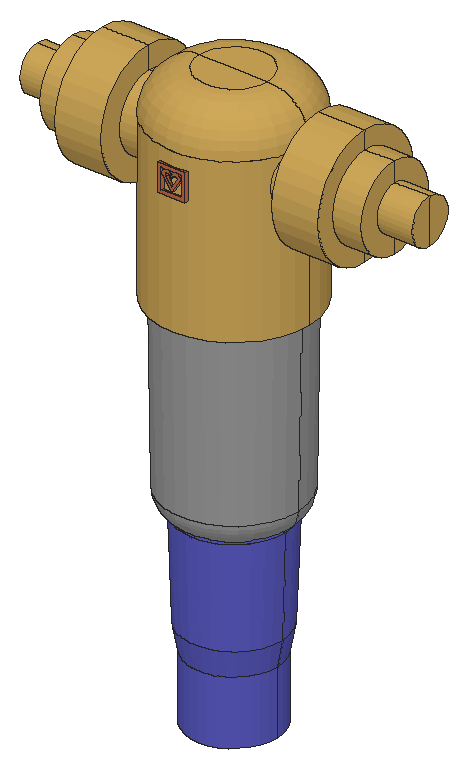
Revit family "Фильтр для холодной воды 0553", category Rohrzubehör, Revit 2019
Family settings
  Bemaßung runder Anschluss = Durchmesser verwenden
  Teiletyp = Unterbricht
  OmniClass-Nummer = 23.65.55.14
  OmniClass-Titel = Valves for Liquid Services
  Arbeitsebenenbasiert = Nein
  Immer vertikal = Ja
  Beim Laden mit Abzugskörper schneiden = Nein
  Gemeinsam genutzt = Nein
Parameters
  Фильтрующий элемент = "нержавеющая сталь, тонкость фильтрации 100 мкм"  # constant formula
  Среда = "Питьевая вода"  # constant formula
  Примечание = "В соответствии со статьей 33 Регламента REACH (Registration; Evaluation; Authorisation; Restriction of Chemicals) (EC № 1907/2006) мы обязаны указать, что свинец внесен в список SVHC (Substances of Very High Concern - вещества очень высокой важности) и весовой процент свинца во всех латунных компонентах заводского изготовления в наших изделиях, превышает 0,1 % (w/w) (CAS: 7439-92-1 / EINECS: 231-100-4).\r\nПоскольку свинец является легирующим компонентом сплава, прямое негативное влияние исключается, и поэтому дополнительной информации о безопасном использовании не требуется."
  Макс. рабочее давление = 1600000.0 Pa  # constant formula
  Макс. рабочая температура = 30 °C  # constant formula
  Корпус = "латунь, CW617N"  # constant formula
  Исполнение = "HERZ-фильтр для воды устанавливается на вводе в здание для предотвращения попадания загрязнений в питьевую воду."
  W02 = 88.00°  # constant formula
  W01 = 89.00°  # constant formula
  VRS01 = 10.000 mm  # constant formula
  SC_NennweiteBerechnet = 0
  SC_Dimension = ""
  SCTWSEQ = "FI;SBT_TYP_FI=\"FI\";2"
  SCTWCODE = "02;00;02"  # constant formula
  S01 [instance] = (L02 + VRL01 + VRL02) - (L01 / 2)  # 24.750 mm
  Модель = "Фильтр для холодной воды с чашей из прозрачного стеклопластика."
  Чаша = "прозрачный, армированный стекловолокном пластик"  # constant formula
  GT [instance] = size_lookup("0553_", "GT", 1.000 mm, Nennweite)  # 11.900 mm
  VRL02 [instance] = size_lookup("0553_", "VRL2", 1.000 mm, Nennweite)  # 21.750 mm
  VRL01 [instance] = size_lookup("0553_", "VRL1", 1.000 mm, Nennweite)  # 15.500 mm
  VRD02 [instance] = size_lookup("0553_", "VRD2", 1.000 mm, Nennweite)  # 14.000 mm
  VRD01 [instance] = size_lookup("0553_", "VRD1", 1.000 mm, Nennweite)  # 20.000 mm
  URL = "www.herz-armaturen.ru"
  T01 = 1.000 mm  # constant formula
  R02 = 8.000 mm  # constant formula
  R01 = 12.500 mm  # constant formula
  Nennweite [instance] = 15.000 mm
  D02 = 22.750 mm  # constant formula
  L02 [instance] = size_lookup("0553_", "L2", 1.000 mm, Nennweite)  # 28.750 mm
  L01 [instance] = size_lookup("0553_", "L1", 1.000 mm, Nennweite)  # 82.500 mm
  Hersteller = "HERZ Armaturen Ges.m.b.H."  # constant formula
  H04 = 174.000 mm  # constant formula
  H03 = 65.500 mm  # constant formula
  H02 = 45.500 mm  # constant formula
  H01 = 23.000 mm  # constant formula
  Номер заказа [instance] = if(Nennweite = 15.000 mm, "I055301", if(Nennweite = 20.000 mm, "I055302", if(Nennweite = 25.000 mm, "I055303", "0")))  # "I055301"
  AG [instance] = Nennweite / 2  # 7.500 mm
  D01 = 25.500 mm  # constant formula
Reference planes
  plane 1 "Mitte (Vorne/hinten)": y = 0
  plane 2: z = 0
  plane 3 "Mitte (Links/rechts)": x = 0
Forms (mm)
  Revolve 1, solid, material "Messing, weicher Gelbton, geschweißt", detail levels fine
    sketch origin (0, 0, 0) x (1, 0, 0) y (0, 0, 1)
      loop
        line (-41.25, 0) -> (41.25, 0) -> (41.25, 12.5) -> (-41.25, 12.5) -> (-41.25, 0)
      axis (-41.25, 0) -> (41.25, 0)
    angle from 0 to 360
  Revolve 2, solid, material "Messing, weicher Gelbton, geschweißt", detail levels fine
    sketch origin (0, 0, 0) x (1, 0, 0) y (0, 0, 1)
      loop
        line (-28.75, 0) -> (-28.75, 20) -> (-44.25, 20) -> (-44.25, 14) -> (-54.1, 14) -> (-54.1, 7.5) -> (-66, 7.5) -> (-66, 0) -> (-28.75, 0)
      axis (-66, 0) -> (-28.75, 0)
    angle from 0 to 360
  Revolve 3, solid, material "Messing, weicher Gelbton, geschweißt", detail levels fine
    sketch origin (0, 0, 0) x (-1, 0, 0) y (0, 0, 1)
      loop
        line (-28.75, 0) -> (-28.75, 20) -> (-44.25, 20) -> (-44.25, 14) -> (-54.1, 14) -> (-54.1, 7.5) -> (-66, 7.5) -> (-66, 0) -> (-28.75, 0)
      axis (-66, 0) -> (-28.75, 0)
    angle from 0 to 360
  Revolve 4, solid, material "Messing, weicher Gelbton, geschweißt", detail levels fine
    sketch origin (0, 0, 0) x (1, 0, 0) y (0, 0, 1)
      loop
        line (0, -45.5) -> (0, 23) -> (-11.5, 23)
        arc (-11.5, 23) -> (-21.399, 18.899) -> (-25.5, 9) r 14
        line (-25.5, 9) -> (-25.5, -45.5) -> (0, -45.5)
      axis (0, 23) -> (0, -45.5)
    angle from 0 to 360
  Revolve 5, solid, material "ABS-Kunststoff", detail levels fine
    sketch origin (0, 0, 0) x (1, 0, 0) y (0, 0, 1)
      loop
        line (0, -45.5) -> (-22.75, -45.5) -> (-21.744, -103.156)
        arc (-21.744, -103.156) -> (-19.53, -108.542) -> (-14.25, -111) r 8
        line (-14.25, -111) -> (0, -111) -> (0, -45.5)
      axis (0, -45.5) -> (0, -111)
    angle from 0 to 360
  Revolve 6, solid, material "Herz-Marineblau", detail levels fine
    sketch origin (0, 0, 0) x (1, 0, 0) y (0, 0, 1)
      loop
        line (-14.75, -174) -> (0, -174) -> (0, -110.996) -> (-17.5, -110.996) -> (-16.347, -144) -> (-14.75, -152.5) -> (-14.75, -174)
      axis (0, -110.996) -> (0, -174)
    angle from 0 to 360
Lines and regions (mm)
  model lines, detail levels coarse+medium
    curve 1: line (-41.25, 0, 23) -> (-41.25, 0, -23)
    curve 2: line (-41.25, 0, -23) -> (41.25, 0, -23)
    curve 3: line (41.25, 0, -23) -> (41.25, 0, 23)
    curve 4: line (41.25, 0, 23) -> (-41.25, 0, 23)
    curve 5: line (41.25, 0, 23) -> (12.5, 0, 0)
    curve 6: line (12.5, 0, 0) -> (41.25, 0, -23)
    curve 7: line (41.25, 0, 23) -> (51.25, 0, 23)
    curve 8: line (51.25, 0, 23) -> (41.25, 0, 0)
    curve 9: line (41.25, 0, -23) -> (51.25, 0, -23)
    curve 10: line (51.25, 0, -23) -> (41.25, 0, 0)
    curve 11: line (41.25, 0, 0) -> (66, 0, 0)
    curve 12: line (-41.25, 0, 23) -> (-51.25, 0, 23)
    curve 13: line (-51.25, 0, 23) -> (-41.25, 0, 0)
    curve 14: line (-41.25, 0, -23) -> (-51.25, 0, -23)
    curve 15: line (-51.25, 0, -23) -> (-41.25, 0, 0)
    curve 16: line (-41.25, 0, 0) -> (-66, 0, 0)
    curve 17: line (-41.25, -23, 0) -> (41.25, -23, 0)
    curve 18: line (-41.25, 23, 0) -> (-41.25, -23, 0)
    curve 19: line (41.25, 23, 0) -> (-41.25, 23, 0)
    curve 20: line (41.25, -23, 0) -> (41.25, 23, 0)
    curve 21: line (41.25, 23, 0) -> (8.232, 0, 0)
    curve 22: line (8.232, 0, 0) -> (41.25, -23, 0)
    curve 23: line (41.25, 23, 0) -> (51.25, 23, 0)
    curve 24: line (51.25, 23, 0) -> (41.25, 0, 0)
    curve 25: line (41.25, -23, 0) -> (51.25, -23, 0)
    curve 26: line (51.25, -23, 0) -> (41.25, 0, 0)
    curve 27: line (-41.25, 23, 0) -> (-51.25, 23, 0)
    curve 28: line (-51.25, 23, 0) -> (-41.25, 0, 0)
    curve 29: line (-41.25, -23, 0) -> (-51.25, -23, 0)
    curve 30: line (-51.25, -23, 0) -> (-41.25, 0, 0)
Dimensions and locks
  "L01": Revolve 1 sketch curve to Revolve 1 sketch curve
  equal spacing: Revolve 1 sketch curve, plane 3 "Mitte (Links/rechts)", Revolve 1 sketch curve
  "R01": Revolve 1 sketch curve to plane 2
  "L02": plane 3 "Mitte (Links/rechts)" to Revolve 2 sketch curve
  "VRL01": Revolve 2 sketch curve to Revolve 2 sketch curve
  "VRL02": Revolve 2 sketch curve to Revolve 2 sketch curve
  "GT": Revolve 2 sketch curve to Revolve 2 sketch curve
  "VRD01": Revolve 2 sketch curve to Revolve 2 sketch curve
  "VRD02": Revolve 2 sketch curve to Revolve 2 sketch curve
  "AG": Revolve 2 sketch curve to Revolve 2 sketch curve
  "VRL01": Revolve 3 sketch curve to Revolve 3 sketch curve
  "VRL02": Revolve 3 sketch curve to Revolve 3 sketch curve
  "GT": Revolve 3 sketch curve to Revolve 3 sketch curve
  "VRD01": Revolve 3 sketch curve to Revolve 3 sketch curve
  "VRD02": Revolve 3 sketch curve to Revolve 3 sketch curve
  "AG": Revolve 3 sketch curve to Revolve 3 sketch curve
  "L02": Revolve 3 sketch curve to plane 3 "Mitte (Links/rechts)"
  "H01": Revolve 4 sketch curve to plane 2
  "D01": Revolve 4 sketch curve to Revolve 4 sketch curve
  "H02": plane 2 to Revolve 4 sketch curve
  "D02": Revolve 5 sketch curve to Revolve 5 sketch curve
  "H02": plane 2 to Revolve 5 sketch curve
  "H03": Revolve 5 sketch curve to Revolve 5 sketch curve
  "H04": plane 2 to Revolve 6 sketch curve
  "D01": nested 1 to plane 1 "Mitte (Vorne/hinten)"
  equal spacing: curve 1, plane 3 "Mitte (Links/rechts)", curve 3
  "H01": curve 4 to level to curve 2
  "L01": curve 1 to curve 3
  "L02": curve 3 to curve 6
  "VRS01": curve 8 to curve 3
  "VRS01": curve 10 to curve 3
  "S01": curve 11 to curve 3
  "VRS01": curve 13 to curve 1
  "VRS01": curve 15 to curve 1
  "S01": curve 16 to Revolve 1
  "L01": curve 18 to curve 20
  equal spacing: curve 18, plane 3 "Mitte (Links/rechts)", curve 20
  "H01": curve 19 to plane 1 "Mitte (Vorne/hinten)" to curve 17
  "VRS01": curve 20 to curve 24
  "VRS01": curve 20 to curve 26
  "VRS01": curve 28 to curve 18
  "VRS01": curve 30 to curve 18
  "R02": radius of Revolve 5 sketch curve
  "W01": angle Revolve 5 sketch curve to Revolve 4
  "W02": angle Revolve 6 sketch curve to Revolve 6 sketch curve
  aligned and locked: level to plane 2
Automatic sketch dimensions
  curve 15 to level = 0.000 mm
  curve 11 to level = 0.000 mm
  curve 8 to level = 0.000 mm
  curve 5 to level = 0.000 mm
  plane 1 "Mitte (Vorne/hinten)" to curve 22 = 0.000 mm
  plane 1 "Mitte (Vorne/hinten)" to curve 28 = 0.000 mm
  plane 1 "Mitte (Vorne/hinten)" to curve 24 = 0.000 mm
  plane 1 "Mitte (Vorne/hinten)" to curve 26 = 0.000 mm
  plane 3 "Mitte (Links/rechts)" to curve 22 = 8.232 mm
  Revolve 1 sketch curve to level = 0.000 mm  (x2)
  Revolve 1 sketch curve to Revolve 1 sketch curve = 1474.830 mm
  Revolve 1 sketch curve to Revolve 1 sketch curve = 1807.448 mm
  Revolve 2 sketch curve to level = 0.000 mm  (x2)
  Revolve 2 sketch curve to Revolve 2 sketch curve = 1440.530 mm
  plane 3 "Mitte (Links/rechts)" to Revolve 2 sketch curve = 1839.148 mm
  Revolve 3 sketch curve to level = 0.000 mm  (x2)
  Revolve 3 sketch curve to Revolve 3 sketch curve = 1440.530 mm
  plane 3 "Mitte (Links/rechts)" to Revolve 3 sketch curve = 1839.148 mm
  Revolve 4 sketch curve to plane 3 "Mitte (Links/rechts)" = 0.000 mm  (x2)
  level to Revolve 4 sketch curve = 9.000 mm
  Revolve 4 sketch curve to Revolve 4 sketch curve = 320.545 mm
  Revolve 4 sketch curve to Revolve 4 sketch curve = 2190.315 mm
  Revolve 5 sketch curve to plane 3 "Mitte (Links/rechts)" = 0.000 mm  (x2)
  Revolve 5 sketch curve to plane 3 "Mitte (Links/rechts)" = 21.744 mm
  Revolve 5 sketch curve to Revolve 5 sketch curve = 7.494 mm
  Revolve 5 sketch curve to Revolve 5 sketch curve = 255.045 mm
  level to Revolve 5 sketch curve = 2214.315 mm
  Revolve 6 sketch curve to plane 3 "Mitte (Links/rechts)" = 0.000 mm  (x2)
  Revolve 6 sketch curve to plane 3 "Mitte (Links/rechts)" = 14.750 mm
  Revolve 6 sketch curve to Revolve 6 sketch curve = 1.597 mm
  Revolve 6 sketch curve to plane 3 "Mitte (Links/rechts)" = 17.500 mm
  Revolve 6 sketch curve to Revolve 6 sketch curve = 21.500 mm
  Revolve 6 sketch curve to Revolve 6 sketch curve = 8.500 mm
  Revolve 6 sketch curve to Revolve 6 sketch curve = 192.045 mm
  level to Revolve 6 sketch curve = 2214.315 mm
Nested families
  nested 1: "Herz-Logo-vorne" at (0, -25.5, 0) x (0, 1, 0) z (0, 0, 1), type "Herz-Logo-vorne", detail levels fine
Connectors
  piping at (-66, 0, 0), diameter 15, driven by "Nennweite"
    settings: on Revolve 2, index 1, connector inside diameter 609.6 mm, connector length 0.000 mm, flow factor 0, pipe flow 0.0 L/s, pressure drop 0.0 Pa, fitting loss kfactor 0, connector angle 0.00°, fixture units 0, engagement length 0.000 mm, angle of deflection 0.00°, flow configuration 0, flow direction 1, fitting loss method 0, system type 20, joint type 0, gender type 0, connector reference index -1, connector utility 0, adjustable connector no, is connector primary yes, connector description ""
  piping at (66, 0, 0), diameter 15, driven by "Nennweite"
    settings: on Revolve 3, index 2, connector inside diameter 609.6 mm, connector length 0.000 mm, flow factor 0, pipe flow 0.0 L/s, pressure drop 0.0 Pa, fitting loss kfactor 0, connector angle 0.00°, fixture units 0, engagement length 0.000 mm, angle of deflection 0.00°, flow configuration 0, flow direction 2, fitting loss method 0, system type 20, joint type 0, gender type 0, connector reference index -1, connector utility 0, adjustable connector no, is connector primary no, connector description ""
Definition of nested family "Herz-Logo-vorne"
  Reference planes
    plane 1 "Mitte (Vorne/hinten)": y = 0
    plane 2: z = 0
    plane 3 "Mitte (Links/rechts)": x = 0
  Forms (mm)
    Extrusion 1, solid
      sketch origin (0.732, -0.018, 0.017) x (0, -1, 0) y (0, 0, 1)
        loop
          line (-0.018, -4.517) -> (4.482, -4.517) -> (4.482, 4.483) -> (-4.518, 4.483) -> (-4.518, -4.517) -> (-0.018, -4.517)
        loop
          line (-0.05, -3.48) -> (3.482, -3.48) -> (3.482, 3.483) -> (-3.518, 3.483) -> (-3.518, -3.48) -> (-0.05, -3.48)
        loop
          arc (-0.018, 2.383) -> (-1.543, 3.287) -> (-3.067, 2.383) r 1.738
          arc (-3.067, 2.383) -> (-3.191, 1.899) -> (-3.067, 1.415) r 1.009
          line (-3.067, 1.415) -> (-0.018, -3.281) -> (3.032, 1.415)
          arc (3.032, 1.415) -> (3.156, 1.899) -> (3.032, 2.383) r 1.009
          arc (3.032, 2.383) -> (1.507, 3.287) -> (-0.018, 2.383) r 1.738
        loop
          arc (1.885, 1.272) -> (2.005, 1.675) -> (1.885, 2.079) r 0.74
          arc (1.885, 2.079) -> (1.265, 2.416) -> (0.644, 2.079) r 0.74
          line (0.644, 2.079) -> (-0.018, 0.97) -> (-0.679, 2.079)
          arc (-0.679, 2.079) -> (-1.3, 2.416) -> (-1.921, 2.079) r 0.74
          arc (-1.921, 2.079) -> (-2.04, 1.675) -> (-1.921, 1.272) r 0.74
          line (-1.921, 1.272) -> (-0.018, -1.658) -> (1.885, 1.272)
      from 0 to 1.5
  Dimensions and locks
    aligned and locked: level to plane 2
